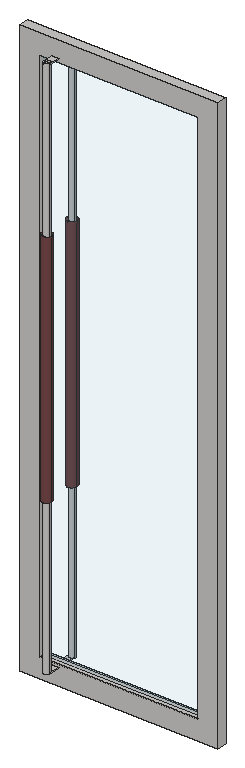
Revit family
Parameters
  프레임폭 = 100.00 mm
  프레임재질 = SSDW_1_스테인레스스틸
  프레임두께 = 50.00 mm
  유리재질 = Glass
  유리두께 = 17.00 mm
  Function = (empty or 0)
  Assembly Code = ""
Reference planes
  plane 1 "Center (Front/Back)": y = 0
  plane 2: z = 0
  plane 3 "Center (Left/Right)": x = -331.877
  plane 4: x = -831.877
  plane 5: x = 168.123
  plane 6 "Top": z = 2920
  plane 7: z = 1460
  plane 8: z = 2840
  plane 9: x = -651.877
  plane 10: z = 80
  plane 11 "AA": y = 80
  plane 12 "BB": y = -80
Forms (mm)
  Sweep 1, solid, material "SSDW_1_스테인레스스틸" <- "프레임재질"
    path origin (0, 0, 0) x (1, 0, 0) y (0, 0, 1)
      loop
        line (168.123, 2920) -> (-831.877, 2920) -> (-831.877, 0) -> (168.123, 0) -> (168.123, 2920)
    profile origin (-331.877, 0, 2920) x (0, 0, -1) y (0, -1, 0)
      loop
        line (0, -25) -> (100, -25) -> (100, 25) -> (0, 25) -> (0, -25)
  Extrusion 2, solid, material "Glass" <- "유리재질"
    sketch origin (0, 0, 0) x (1, 0, 0) y (0, 0, 1)
      loop
        line (68.123, 2820) -> (-731.877, 2820) -> (-731.877, 100) -> (68.123, 100) -> (68.123, 2820)
    from -8.5 to 8.5
  Revolve 3, solid, material "SSDW_1_스테인레스스틸" <- "프레임재질"
    sketch origin (0, 80, 0) x (1, 0, 0) y (0, 0, 1)
      loop
        line (-651.877, 2840) -> (-651.877, 80) -> (-636.877, 80) -> (-636.877, 2840) -> (-651.877, 2840)
      axis (-651.877, 2840) -> (-651.877, 80)
    angle from 0 to 360
  Extrusion 4, solid, material "SSDW_1_스테인레스스틸" <- "프레임재질"
    sketch origin (0, 80, 0) x (1, 0, 0) y (0, 0, 1)
      loop
        line (-636.877, 2840) -> (-666.877, 2840) -> (-666.877, 2835) -> (-636.877, 2835) -> (-636.877, 2840)
      loop
        line (-636.877, 80) -> (-636.877, 85) -> (-666.877, 85) -> (-666.877, 80) -> (-636.877, 80)
    from 0 to 80
  Revolve 5, solid, material "WOOD_HANDLE"
    sketch origin (0, 80, 0) x (1, 0, 0) y (0, 0, 1)
      loop
        line (-651.877, 2060) -> (-651.877, 860) -> (-626.877, 860) -> (-626.877, 2060) -> (-651.877, 2060)
      axis (-651.877, 2060) -> (-651.877, 860)
    angle from 0 to 360
  Revolve 6, solid, material "SSDW_1_스테인레스스틸" <- "프레임재질", not visible
    sketch origin (0, 80, 0) x (1, 0, 0) y (0, 0, 1)
      loop
        line (-11.877, 2520) -> (-11.877, 80) -> (3.123, 80) -> (3.123, 2520) -> (-11.877, 2520)
      axis (-11.877, 2520) -> (-11.877, 80)
    angle from 0 to 360
  Extrusion 7, solid, material "SSDW_1_스테인레스스틸" <- "프레임재질", not visible
    sketch origin (0, 80, 0) x (1, 0, 0) y (0, 0, 1)
      loop
        line (3.123, 2520) -> (-26.877, 2520) -> (-26.877, 2515) -> (3.123, 2515) -> (3.123, 2520)
      loop
        line (3.123, 80) -> (3.123, 85) -> (-26.877, 85) -> (-26.877, 80) -> (3.123, 80)
    from 0 to 80
  Revolve 8, solid, material "WOOD_HANDLE", not visible
    sketch origin (0, 80, 0) x (1, 0, 0) y (0, 0, 1)
      loop
        line (-11.877, 1900) -> (-11.877, 700) -> (13.123, 700) -> (13.123, 1900) -> (-11.877, 1900)
      axis (-11.877, 1900) -> (-11.877, 700)
    angle from 0 to 360
  Extrusion 9, solid, material "SSDW_1_스테인레스스틸" <- "프레임재질"
    sketch origin (0, -80, 0) x (1, 0, 0) y (0, 0, -1)
      loop
        line (-636.877, -2840) -> (-636.877, -2835) -> (-666.877, -2835) -> (-666.877, -2840) -> (-636.877, -2840)
      loop
        line (-636.877, -80) -> (-666.877, -80) -> (-666.877, -85) -> (-636.877, -85) -> (-636.877, -80)
    from 0 to 80
  Revolve 10, solid, material "SSDW_1_스테인레스스틸" <- "프레임재질"
    sketch origin (0, -80, 0) x (1, 0, 0) y (0, 0, 1)
      loop
        line (-651.877, 2840) -> (-651.877, 80) -> (-636.877, 80) -> (-636.877, 2840) -> (-651.877, 2840)
      axis (-651.877, 2840) -> (-651.877, 80)
    angle from 0 to 360
  Revolve 11, solid, material "WOOD_HANDLE"
    sketch origin (0, -80, 0) x (1, 0, 0) y (0, 0, 1)
      loop
        line (-651.877, 2060) -> (-651.877, 860) -> (-626.877, 860) -> (-626.877, 2060) -> (-651.877, 2060)
      axis (-651.877, 2060) -> (-651.877, 860)
    angle from 0 to 360
Cuts and joins
  joined: Revolve 3, Extrusion 4
Lines and regions (mm)
  symbolic lines, style "DoorsPanelProjection"
    curve 1: line (168.123, 0, 0) -> (133.123, 0, 0)
    curve 2: line (168.123, 1000, 0) -> (168.123, 0, 0)
    curve 3: line (133.123, 1000, 0) -> (168.123, 1000, 0)
    curve 4: line (133.123, 0, 0) -> (133.123, 1000, 0)
    curve 5: line (168.123, -1000, 0) -> (168.123, 0, 0)
    curve 6: line (133.123, -1000, 0) -> (168.123, -1000, 0)
    curve 7: line (133.123, 0, 0) -> (133.123, -1000, 0)
    curve 8: arc (-831.877, 0, 0) -> (-538.984, 707.107, 0) -> (168.123, 1000, 0) r 1000
    curve 9: arc (-831.877, 0, 0) -> (-538.984, -707.107, 0) -> (168.123, -1000, 0) r 1000
  symbolic lines
    curve 10: line (-831.877, 0, 2920) -> (168.123, 0, 1460)
    curve 11: line (168.123, 0, 1460) -> (-831.877, 0, 0)
Text (mm)
  text "Exterior" at (-1161.5, 797.241, 0), in view "Ref. Level"
Dimensions and locks
  equal spacing: plane 4, plane 3 "Center (Left/Right)", plane 5
  "프레임폭": Sweep 1 sketch curve to plane 6 "Top"
  equal spacing: Sweep 1 sketch curve, profile plane, Sweep 1 sketch curve
  "프레임두께": Sweep 1 sketch curve to Sweep 1 sketch curve
  equal spacing: Extrusion 2, plane 1 "Center (Front/Back)", Extrusion 2
  "유리두께": Extrusion 2 to Extrusion 2
  equal spacing: plane 2, plane 7, plane 6 "Top"
  locked: plane 10 to Sweep 1 at 20
  locked: plane 1 "Center (Front/Back)" to plane 11 "AA" at 80
  plane 9 to plane 5 = 820.00 mm
  locked: plane 8 to plane 6 "Top" at 80
  locked: plane 2 to plane 10 at 80
  locked: plane 1 "Center (Front/Back)" to plane 12 "BB" at 80
  locked: plane 7 to Revolve 5 sketch curve at 600
  locked: Revolve 5 sketch curve to plane 7 at 600
  locked: Revolve 5 to plane 7 at 600
  locked: plane 7 to Revolve 5 at 600  (x2)
  locked: plane 7 to Revolve 11 sketch curve at 600
  locked: plane 4 to plane 9 at 180
  aligned and locked: plane 5 to Sweep 1 sketch curve
  aligned and locked: Sweep 1 sketch curve to plane 6 "Top"
  aligned and locked: plane 2 to Sweep 1 sketch curve
  aligned and locked: plane 4 to Sweep 1 sketch curve
  aligned and locked: plane 6 "Top" to Sweep 1 sketch curve
  aligned and locked: Extrusion 2 sketch curve to Sweep 1  (x3)
  aligned and locked: Sweep 1 to Extrusion 2 sketch curve
  aligned and locked: Extrusion 4 sketch curve to Revolve 3
  aligned and locked: plane 1 "Center (Front/Back)" to Extrusion 4
  aligned and locked: Extrusion 4 to plane 1 "Center (Front/Back)"
  aligned and locked: Extrusion 7 sketch curve to Revolve 6
  aligned and locked: Extrusion 9 to plane 12 "BB"
  aligned and locked: Extrusion 9 to plane 1 "Center (Front/Back)"
  aligned and locked: plane 8 to Extrusion 9
  aligned and locked: Revolve 5 sketch curve to plane 9
Automatic sketch dimensions
  Revolve 8 sketch curve to Revolve 8 sketch curve = 260.00 mm
  Revolve 6 sketch curve to Revolve 6 sketch curve = 0.00 mm  (x3)
  Revolve 6 sketch curve to Revolve 6 sketch curve = 15.00 mm
  Revolve 6 sketch curve to Revolve 6 sketch curve = 2440.00 mm
  Extrusion 7 sketch curve to Extrusion 7 sketch curve = 0.00 mm
  Extrusion 7 sketch curve to Extrusion 7 sketch curve = 30.00 mm  (x2)
  Extrusion 7 sketch curve to Extrusion 7 sketch curve = 5.00 mm  (x2)
  Extrusion 7 sketch curve to Extrusion 7 sketch curve = 2430.00 mm
  Revolve 8 sketch curve to Revolve 8 sketch curve = 0.00 mm
  Revolve 8 sketch curve to Revolve 8 sketch curve = 25.00 mm
  Revolve 8 sketch curve to Revolve 8 sketch curve = 340.00 mm
  Revolve 8 sketch curve to Revolve 8 sketch curve = 1200.00 mm
  Revolve 3 sketch curve to plane 8 = 0.00 mm  (x2)
  Revolve 3 sketch curve to plane 9 = 0.00 mm  (x2)
  Revolve 3 sketch curve to plane 10 = 0.00 mm  (x2)
  Revolve 3 sketch curve to Revolve 3 sketch curve = 15.00 mm
  Extrusion 4 sketch curve to plane 8 = 0.00 mm
  Extrusion 4 sketch curve to plane 10 = 5.00 mm
  plane 9 to Extrusion 4 sketch curve = 15.00 mm  (x2)
  Extrusion 4 sketch curve to plane 9 = 15.00 mm  (x2)
  Extrusion 4 sketch curve to plane 8 = 5.00 mm
  Revolve 5 sketch curve to plane 9 = 0.00 mm
  Revolve 5 sketch curve to Revolve 5 sketch curve = 25.00 mm
  Revolve 5 sketch curve to plane 10 = 280.00 mm
  Revolve 5 sketch curve to Revolve 5 sketch curve = 100.00 mm
  curve 1 to plane 1 "Center (Front/Back)" = 0.00 mm
  curve 5 to plane 5 = 0.00 mm
  curve 4 to curve 8 = 35.00 mm
  Extrusion 9 sketch curve to plane 8 = 0.00 mm
  Extrusion 9 sketch curve to plane 10 = 0.00 mm
  Extrusion 9 sketch curve to plane 10 = 5.00 mm
  plane 9 to Extrusion 9 sketch curve = 15.00 mm  (x2)
  Extrusion 9 sketch curve to plane 9 = 15.00 mm  (x2)
  Extrusion 9 sketch curve to plane 8 = 5.00 mm
  Revolve 10 sketch curve to plane 8 = 0.00 mm  (x2)
  Revolve 10 sketch curve to plane 9 = 0.00 mm  (x2)
  Revolve 10 sketch curve to plane 10 = 0.00 mm  (x2)
  Revolve 10 sketch curve to Revolve 10 sketch curve = 15.00 mm
  Revolve 11 sketch curve to plane 9 = 0.00 mm  (x2)
  plane 9 to Revolve 11 sketch curve = 25.00 mm
  plane 10 to Revolve 11 sketch curve = 280.00 mm
  Revolve 11 sketch curve to plane 7 = 600.00 mm
  Revolve 11 sketch curve to Revolve 11 sketch curve = 260.00 mm
  curve 8 to curve 9 = 0.00 mm
  curve 8 to plane 1 "Center (Front/Back)" = 0.00 mm
  curve 8 to plane 4 = 0.00 mm
  curve 11 to level = 0.00 mm
  curve 11 to plane 4 = 0.00 mm
  curve 10 to plane 4 = 0.00 mm
  curve 11 to plane 5 = 0.00 mm
  curve 10 to plane 7 = 0.00 mm
  curve 10 to plane 6 "Top" = 0.00 mm
